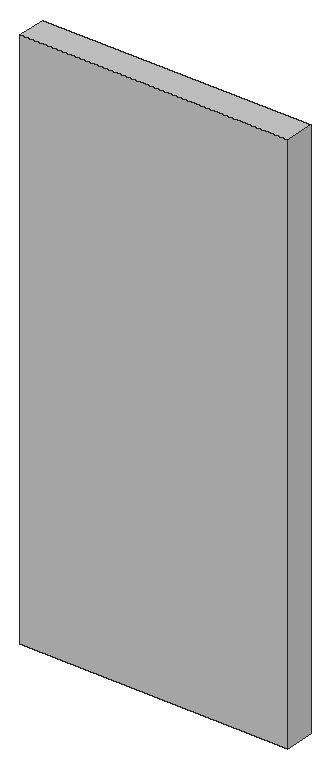
Revit family "EXP_WT-1D_CPan-001", category Curtain Panels, Revit 2021
Family settings
  OmniClass Number = 23.25.20.14.11.11.17
  OmniClass Title = Infill Panels
  Always vertical = Yes
  Cut with Voids When Loaded = No
  Shared = No
Parameters
  UI-UnitNumber [instance] = "001"
  UI-Quadrant [instance] = "SE"
  UI-ProjectAbbreviation = "NEU"
  UI-ItemCategory = "PID"
  UI-FloorNumber [instance] = "03"
  PNT-WallType = "WT1D"
  PNT-ProjectAbbreviation = "NEU"
  PNT-PanelType [instance] = "01"
  PNT-ItemCategory = "PNL"
  GlassH1 = LVR(Louvers)
  Define Thermal Properties by = Schematic Type
  CellSp = 0' - 10 3/16"
  CellL [instance] = 7' - 10"
  CellH1 [instance] = CellH  # 15' - 11 1/2"
  CellH [instance] = 15' - 11 1/2"
  Analytic Construction = "<None>"
Reference planes (in)
  plane 1 "Center (Front/Back)": y = 0
  plane 2: z = 0
  plane 3 "Center (Left/Right)": x = 0
  plane 4 "Left": x = -47
  plane 5 "Right": x = 47
  plane 6 "Top": z = 191.5
  plane 7: y = -10.1875
Forms (in)
  Extrusion 1, solid, material "LVR(Louvers)" <- "GlassH1"
    sketch origin (0, 0, 0) x (0, 1, 0) y (0, 0, 1)
      loop
        line (0, 191.5) -> (-10.1875, 191.5) -> (-10.1875, 0) -> (0, 0) -> (0, 191.5)
    from -47 to 47
Text (in)
  text "Exterior" at (-92.59733, 55.75508, 0), in view "Ref. Level"
  text "Exterior" at (0, 90.18664, 173.49264), in view "Left"
  text "Exterior" at (0, 52.29083, 162.21847), in view "Right"
Dimensions and locks (in)
  equal spacing: plane 4 "Left", plane 3 "Center (Left/Right)", plane 5 "Right"  (x2)
  "CellL": plane 4 "Left" to plane 5 "Right"
  "CellH": plane 2 to plane 6 "Top"
  "CellSp": plane 7 to plane 1 "Center (Front/Back)"
  aligned and locked: level to plane 2
  aligned and locked: Extrusion 1 sketch curve to level
  aligned and locked: Extrusion 1 sketch curve to plane 7
  aligned and locked: Extrusion 1 to plane 5 "Right"
  aligned and locked: plane 4 "Left" to Extrusion 1
  aligned and locked: Extrusion 1 to plane 6 "Top"
  aligned and locked: nested 1 to plane 6 "Top"
  aligned and locked: Extrusion 1 to plane 2
  aligned and locked: plane 5 "Right" to nested 1
  aligned and locked: plane 1 "Center (Front/Back)" to nested 1
Automatic sketch dimensions
  Extrusion 1 sketch curve to plane 1 "Center (Front/Back)" = 0' - 0"
  level to Extrusion 1 sketch curve = 15' - 11 1/2"
Nested families (in)
  nested 1: "EXP_xx_DetO-002" at (0, 0, 0), CellH <- "CellH", CellL <- "CellL", type "EXP_xx_DetO-002", detail levels coarse
    with CellL 7' - 10", CellH 15' - 11 1/2"
Definition of nested family "EXP_xx_DetO-002"
  Parameters (values of type "EXP_xx_DetO-002")
    Default Elevation = 0' - 0"
    CellL [instance] = 5' - 4.56693"
    CellH [instance] = 5' - 2.99213"
  Reference planes (in)
    plane 1 "Center (Front/Back)": y = 0
    plane 2: z = 0
    plane 3 "Center (Left/Right)": x = 0
    plane 4: x = -32.28346
    plane 5: x = 32.28346
    plane 6: z = 62.99213
  Lines and regions (in)
    model lines
      curve 1: line (-32.28346, 0, 62.99213) -> (32.28346, 0, 0)
      curve 2: line (32.28346, 0, 62.99213) -> (-32.28346, 0, 0)
  Dimensions and locks (in)
    "CellH": plane 6 to level
    equal spacing: plane 4, plane 3 "Center (Left/Right)", plane 5
    "CellL": plane 4 to plane 5
    aligned and locked: level to plane 2
  Automatic sketch dimensions
    curve 2 to level = 0' - 0"
    plane 4 to curve 2 = 0' - 0"
    plane 4 to curve 1 = 0' - 0"
    plane 5 to curve 2 = 0' - 0"
    curve 1 to level = 0' - 0"
    plane 5 to curve 1 = 0' - 0"
    curve 2 to plane 6 = 0' - 0"
    curve 1 to plane 6 = 0' - 0"
